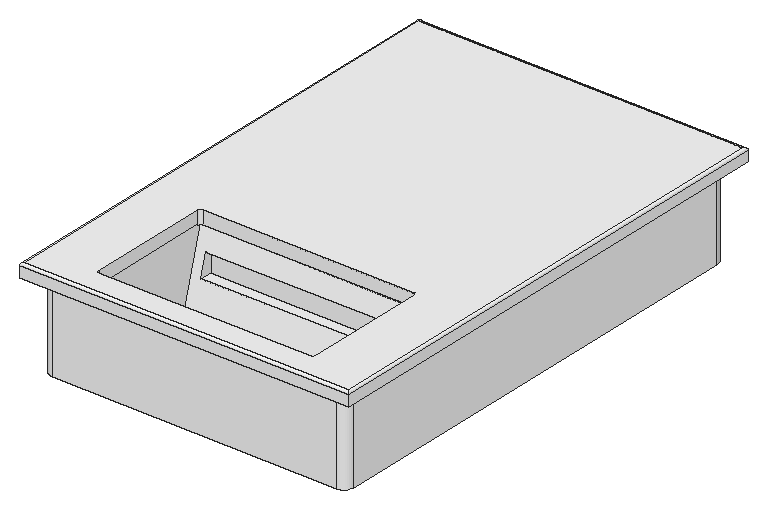
Revit family "NBS_DudleyIndustriesLimited_PprTwlDpnsrs_SlimLineRecessedPaperTowelDispenser", category Specialty Equipment, host Face, Revit 2016
Family settings
  Host = Face
  Part Type = Normal
  Round Connector Dimension = Use Diameter
  Cut with Voids When Loaded = Yes
  Shared = No
  Room Calculation Point = No
Parameters
  Weight = "10.5 kg"
  WarrantyStartDate [instance] = "1900-12-31T23:59:59"
  WarrantyGuarantorParts = "10"
  WarrantyGuarantorLabor = "10"
  WarrantyDurationUnit = "year"
  WarrantyDurationParts = "year"
  WarrantyDurationLabor = "year"
  WarrantyDescription = "Parts & Labour"
  Version = "3"  # constant formula
  Uniclass2015Version = "Products v1.4"
  Uniclass2015Title = "Paper towel dispensers"
  Uniclass2015Code = "Pr_40_70_22_62"
  TowelWidth = "230mm max"
  TowelType = "Adjustable to take both C-fold and multi-fold interleaved paper towels"
  TagNumber [instance] = "n/a"
  SustainabilityPerformance = "100% Recycleable"
  Style = "Paper Towel Dispenser"
  Size = "n/a"
  Shape = "n/a"
  SerialNumber [instance] = "n/a"
  SanitaryDispenserMaterial = NBS_Concept
  Revision = "n/a"
  ReplacementCost = "n/a"
  ProductInformation = "www.dudleyindustries.com/product/slim-line-recessed-paper-towel-dispenser/"
  PaperTowelCapacity = "Two packs"
  Operation = "Pull Out"
  NominalWidth = 382 mm  # constant formula
  NominalLength = 382 mm
  NominalHeight = 579 mm  # constant formula
  NominalDepth = 116 mm  # constant formula
  Name = "PaperTowelDispensers_SlimLineRecessedPaperTowelDispenser_DudleyIndustriesLimited"
  NBSTypeID = "n/a"
  NBSReference = "45-35-72/344"
  NBSOfficeMasterTag = "n/a"
  NBSNote = "n/a"
  NBSDescription = "Paper towel dispensers"
  NBSCertification = "www.nationalbimlibrary.com/cert/1dudxbq2"
  ModelReference = "Slim Line Recessed Paper Towel Dispenser"
  ModelNumber = "92280SS"
  MaterialsColourAndFinish = "Satin stainless steel"
  MaterialsBody = "304 Stainless steel"
  Material = "Brushed stainless steel"
  ManufacturerURL = "www.dudleyindustries.com"
  ManufacturerName = "Dudley Industries Limited"
  Manufacturer = "info@dudleyindustries.com"
  MainColor = "Satin stainless steel"
  IntegralAccessories = "Available as individual unit or with Waste Bin and Warm Air Dryer"
  InstallationDate [instance] = "1900-12-31T23:59:59"
  IfcExportType = "NOTDEFINED"
  IfcExportAs = "IfcFurnitureType"
  Grade = "n/a"
  Form = "Recessed, Wall mounted"
  Finish = "Brushed stainless steel"
  Features = "Clean ergonomic design, Suitable for 100mm wall cavities, Durable stainless steel enclosure, Seam welded fabrication, Integral painted metal liner, Available as an individual unit or with Waste Bin and Warm Air Dryer, Will take either C of multi-fold interleaved paper towels"
  ExpectedLife = "20"
  DurationUnit = "year"
  Description = "Stylish satin stainless steel paper towel dispenser"
  Default Elevation = 1000 mm
  Constituents = "n/a"
  CodePerformance = "n/a"
  Category = "Pr_40_70_22_62:Paper towel dispensers"
  BarCode [instance] = "n/a"
  BIMObjectName = "NBS_DudleyIndustriesLimited_PaperTowelDispensers_SlimLineRecessedPaperTowelDispenser"
  Author = "NBS"
  AssetType = "Fixed"
  AssetIdentifier [instance] = "n/a"
  AccessibilityPerformance = "n/a"
Reference planes
  plane 1 "TopOfRecess": y = -69
  plane 2: z = 0
  plane 3 "Center (Left/Right)": x = 0
  plane 4: x = -176
  plane 5: x = 176
  plane 6: y = -234
  plane 7: y = 315
  plane 8: x = -191
  plane 9: x = 191
  plane 10: y = 330
  plane 11 "Center (Front/Back)": y = -249
  plane 12: z = 15
  plane 13: z = -101
  plane 14: x = -126
  plane 15: x = 126
  plane 16: z = -99
  plane 17: y = -219
  plane 18: y = -174
  plane 19: z = -47
  plane 20: x = -113.5
  plane 21: x = 113.5
  plane 22: y = -98
  plane 23: z = -22
Forms (mm)
  Extrusion 1, void
    sketch origin (0, 0, 0) x (1, 0, 0) y (0, 1, 0)
      loop
        line (-176, 315) -> (-176, -234) -> (176, -234) -> (176, 315) -> (-176, 315)
    from -101 to 0
  Extrusion 2, solid, material "NBS_Concept" <- "SanitaryDispenserMaterial", detail levels coarse
    sketch origin (0, 0, 0) x (1, 0, 0) y (0, 1, 0)
      loop
        line (176, -234) -> (176, 315) -> (-176, 315) -> (-176, -234) -> (176, -234)
    from -101 to 0
  Extrusion 3, solid, material "NBS_Concept" <- "SanitaryDispenserMaterial", detail levels coarse+medium
    sketch origin (0, 0, 0) x (1, 0, 0) y (0, 1, 0)
      loop
        line (-191, 330) -> (-191, -249) -> (191, -249) -> (191, 330) -> (-191, 330)
      loop
        line (-126, -69) -> (-126, -219) -> (126, -219) -> (126, -69) -> (-126, -69)
    from 0 to 15
  Extrusion 4, solid, material "NBS_Concept" <- "SanitaryDispenserMaterial", detail levels fine
    sketch origin (0, 0, 0) x (1, 0, 0) y (0, 1, 0)
      loop
        line (-176, 304) -> (-176, -223)
        arc (-176, -223) -> (-172.778, -230.778) -> (-165, -234) r 11
        line (-165, -234) -> (165, -234)
        arc (165, -234) -> (172.778, -230.778) -> (176, -223) r 11
        line (176, -223) -> (176, 304)
        arc (176, 304) -> (172.778, 311.778) -> (165, 315) r 11
        line (165, 315) -> (-165, 315)
        arc (-165, 315) -> (-172.778, 311.778) -> (-176, 304) r 11
    from -101 to 0
  Extrusion 5, solid, material "NBS_Concept" <- "SanitaryDispenserMaterial", detail levels fine
    sketch origin (0, 0, 0) x (1, 0, 0) y (0, 1, 0)
      loop
        line (-191, 330) -> (-191, -249) -> (191, -249) -> (191, 330) -> (-191, 330)
      loop
        line (-126, -73) -> (-126, -215)
        arc (-126, -215) -> (-124.828, -217.828) -> (-122, -219) r 4
        line (-122, -219) -> (122, -219)
        arc (122, -219) -> (124.828, -217.828) -> (126, -215) r 4
        line (126, -215) -> (126, -73)
        arc (126, -73) -> (124.828, -70.172) -> (122, -69) r 4
        line (122, -69) -> (-122, -69)
        arc (-122, -69) -> (-124.828, -70.172) -> (-126, -73) r 4
    from 0 to 15
  Extrusion 6, void
    sketch origin (0, 0, 0) x (0, 1, 0) y (0, 0, 1)
      loop
        line (-98, -99) -> (-69, 0) -> (-219, 0) -> (-174, -99) -> (-98, -99)
    from -126 to 126
  Sweep 7, void
    path origin (0, 0, 0) x (1, 0, 0) y (0, 1, 0)
      loop
        line (-191, -249) -> (191, -249) -> (191, 330) -> (-191, 330) -> (-191, -249)
    profile origin (-191, 40.5, 0) x (-1, 0, 0) y (0, 0, 1)
      loop
        line (0, 15) -> (-3, 15)
        arc (-3, 15) -> (-0.879, 14.121) -> (0, 12) r 3
        line (0, 12) -> (0, 15)
  Extrusion 8, void
    sketch origin (0, -69, 0) x (1, 0, 0) y (0, 0, 1)
      loop
        line (-113.5, -22) -> (-113.5, -47) -> (113.5, -47) -> (113.5, -22) -> (-113.5, -22)
    from 29 to 0
  Extrusion 9, solid, material "NBS_Concept" <- "SanitaryDispenserMaterial", detail levels medium
    sketch origin (0, 0, 0) x (1, 0, 0) y (0, 1, 0)
      loop
        line (-176, 315) -> (-176, -234) -> (176, -234) -> (176, 315) -> (-176, 315)
    from -101 to 0
Cuts and joins
  Extrusion 6 cuts Extrusion 2
  Extrusion 6, Extrusion 8 cuts Extrusion 3
  Extrusion 6, Extrusion 8 cuts Extrusion 4
  Extrusion 6, Sweep 7, Extrusion 8 cuts Extrusion 5
  Extrusion 6, Extrusion 8 cuts Extrusion 9
Dimensions and locks
  "NominalHeight": plane 10 to plane 11 "Center (Front/Back)"
  host face to plane 13 = 101 mm
  plane 12 to host face = 15 mm
  locked: plane 6 to plane 11 "Center (Front/Back)" at 15
  locked: plane 10 to plane 7 at 15
  locked: plane 8 to plane 4 at 15
  locked: plane 5 to plane 9 at 15
  locked: plane 12 to host face at 15
  locked: plane 16 to plane 13 at 2
  locked: plane 8 to plane 14 at 65
  locked: plane 15 to plane 9 at 65
  locked: plane 17 to plane 11 "Center (Front/Back)" at 30
  locked: plane 1 "TopOfRecess" to plane 17 at 150
  "NominalWidth": plane 8 to plane 9
  equal spacing: plane 8, plane 3 "Center (Left/Right)", plane 9
  "NominalDepth": plane 12 to plane 13
  locked: plane 18 to plane 11 "Center (Front/Back)" at 75
  plane 20 to plane 3 "Center (Left/Right)" to plane 21 = 113.5 mm locked, 113.5 mm locked
  locked: plane 22 to plane 18 at 76
  plane 19 to plane 23 to host face = 25 mm locked, 22 mm locked
  radius of Extrusion 4 sketch curve = 11 mm  (x4)
  radius of Extrusion 5 sketch curve = 4 mm  (x4)
  radius of Sweep 7 sketch curve = 3 mm
  aligned and locked: plane 2 to host face
  aligned and locked: level to host face
  aligned and locked: Extrusion 1 sketch curve to plane 7
  aligned and locked: plane 4 to Extrusion 1 sketch curve
  aligned and locked: plane 6 to Extrusion 1 sketch curve
  aligned and locked: Extrusion 1 sketch curve to plane 5
  aligned and locked: Extrusion 1 to plane 13
  aligned and locked: host face to Extrusion 1
  aligned and locked: plane 6 to Extrusion 2 sketch curve
  aligned and locked: Extrusion 2 sketch curve to plane 5
  aligned and locked: plane 4 to Extrusion 2 sketch curve
  aligned and locked: Extrusion 2 sketch curve to plane 7
  aligned and locked: host face to Extrusion 2
  aligned and locked: Extrusion 2 to plane 13
  aligned and locked: plane 1 "TopOfRecess" to Extrusion 3 sketch curve
  aligned and locked: Extrusion 3 sketch curve to plane 15
  aligned and locked: Extrusion 3 sketch curve to plane 14
  aligned and locked: plane 17 to Extrusion 3 sketch curve
  aligned and locked: plane 8 to Extrusion 3 sketch curve
  aligned and locked: plane 11 "Center (Front/Back)" to Extrusion 3 sketch curve
  aligned and locked: Extrusion 3 sketch curve to plane 9
  aligned and locked: Extrusion 3 sketch curve to plane 10
  aligned and locked: Extrusion 3 to host face
  aligned and locked: plane 12 to Extrusion 3
  aligned and locked: Extrusion 4 sketch curve to plane 7
  aligned and locked: plane 5 to Extrusion 4 sketch curve
  aligned and locked: Extrusion 4 sketch curve to plane 4
  aligned and locked: Extrusion 4 sketch curve to plane 6
  aligned and locked: Extrusion 4 to plane 13
  aligned and locked: host face to Extrusion 4
  aligned and locked: Extrusion 5 sketch curve to plane 10
  aligned and locked: plane 8 to Extrusion 5 sketch curve
  aligned and locked: Extrusion 5 sketch curve to plane 9
  aligned and locked: plane 11 "Center (Front/Back)" to Extrusion 5 sketch curve
  aligned and locked: plane 1 "TopOfRecess" to Extrusion 5 sketch curve
  aligned and locked: Extrusion 5 sketch curve to plane 14
  aligned and locked: plane 17 to Extrusion 5 sketch curve
  aligned and locked: Extrusion 5 sketch curve to plane 15
  aligned and locked: Extrusion 5 to host face
  aligned and locked: plane 12 to Extrusion 5
  aligned and locked: host face to Extrusion 6 sketch curve
  aligned and locked: plane 17 to Extrusion 6 sketch curve
  aligned and locked: plane 18 to Extrusion 6 sketch curve
  aligned and locked: plane 16 to Extrusion 6 sketch curve
  aligned and locked: plane 15 to cut or joined group of Extrusion 4, Extrusion 6, Extrusion 8
  aligned and locked: plane 14 to cut or joined group of Extrusion 4, Extrusion 6, Extrusion 8
  aligned and locked: plane 8 to Sweep 7 sketch curve  (x2)
  aligned and locked: Sweep 7 sketch curve to plane 10
  aligned and locked: Sweep 7 sketch curve to plane 9
  aligned and locked: plane 11 "Center (Front/Back)" to Sweep 7 sketch curve
  aligned and locked: plane 12 to Sweep 7 sketch curve
  aligned and locked: Extrusion 8 sketch curve to plane 19
  aligned and locked: Extrusion 8 sketch curve to plane 21
  aligned and locked: plane 20 to Extrusion 8 sketch curve
  aligned and locked: plane 1 "TopOfRecess" to cut or joined group of Extrusion 4, Extrusion 6, Extrusion 8
  aligned and locked: cut or joined group of Extrusion 4, Extrusion 6, Extrusion 8 to plane 23
  aligned and locked: Extrusion 8 to Extrusion 6
  aligned and locked: Extrusion 9 sketch curve to plane 7
  aligned and locked: plane 4 to Extrusion 9 sketch curve
  aligned and locked: Extrusion 9 sketch curve to plane 5
  aligned and locked: plane 6 to Extrusion 9 sketch curve
  aligned and locked: Extrusion 9 to plane 13
  aligned and locked: host face to cut or joined group of Extrusion 6, Extrusion 8, Extrusion 9
Automatic sketch dimensions
  host sketch curve to host sketch curve = 582 mm
  host sketch curve to host sketch curve = 779 mm
  Extrusion 6 sketch curve to plane 22 = 0 mm
  Extrusion 6 sketch curve to plane 1 "TopOfRecess" = 0 mm
  Extrusion 8 sketch curve to level = 22 mm
